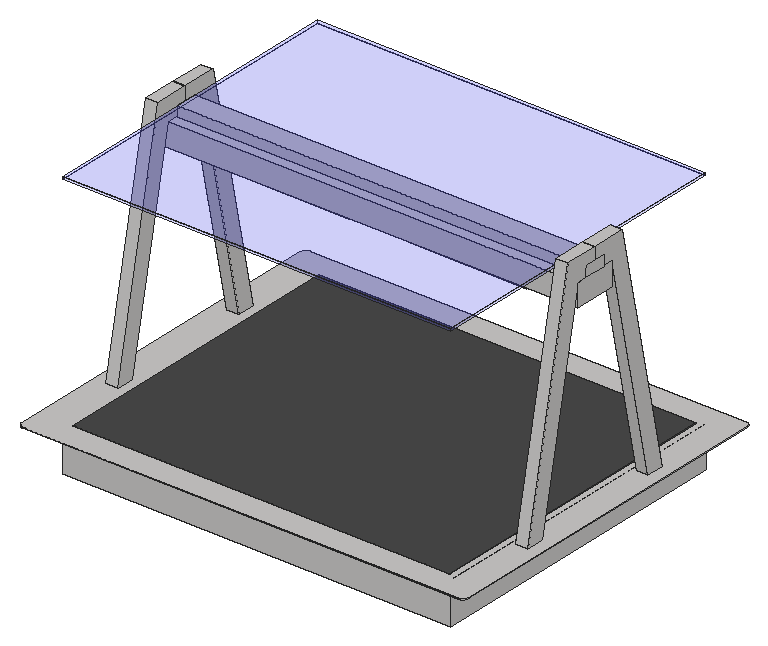
Revit family "QF_ELECTROLUXPROFESSIONAL_CC0HN4_CC0HN4", category Specialty Equipment, Revit 2023
Family settings
  Round Connector Dimension = Use Diameter
  Part Type = Normal
  Work Plane-Based = No
  Enable Cutting in Views = No
  Always vertical = Yes
  Cut with Voids When Loaded = No
  Maintain Annotation Orientation = No
  Shared = No
  Room Calculation Point = No
Parameters (values of type "Standard")
  Weight = 30.36 kg
  Watts = 0 W
  Volts = 220 V
  URL Manufacturer = "https://www.electroluxprofessional.com/"
  URL = "https://www.electroluxprofessional.com/"
  Steam Supply Size = 0 mm
  Steam Supply Minimum Pressure = 0.0 Pa
  Steam Supply Maximum Pressure = 0.0 Pa
  Steam Consumption per Hour = 0
  Refrigeration Suction Line Size = 0 mm
  Refrigeration Liquid Line Size = 0 mm
  Refrigerant Compressor Remote = yes
  Default Elevation = 0 mm
  Manufacturer = "Electrolux Professional"
  Phase = 1
  Model = "CC0HN4"
  Length Actual = 770 mm  # constant formula
  Item Number = "CC0HN4"
  Hot Water Size = 0 mm
  Height Actual = 484 mm  # constant formula
  HP = "0 HP"
  Gas Size = 0 mm
  Gas KW = 0
  Gas Input Pressure = 0 W
  Direct Waste Size = 0 mm
  Description = "DROP-IN TEMPERED GLASS TOP, 2GN WITH A TYPE OVERSHELF AND HALOGEN LAMP"
  Depth Actual = 620 mm  # constant formula
  Cycle = 50 Hz
  Condensate Return Size = 0 mm
  Compressed Air Volume = 0.0 L/s
  Compressed Air Size = 0 mm
  Compressed Air Pressure = 0.0 Pa
  Cold Water Size = 0 mm
  Accessory = yes
Reference planes
  plane 1 "BACK": y = 0
  plane 2: z = 5.426
  plane 3 "LEFT": x = 0
  plane 4: y = -620
  plane 5: z = 409.426
  plane 6: y = -310
Forms (mm)
  Extrusion 1, solid, material "QF_Finishes_Stainless Steel"
    sketch origin (0, 0, 5.426) x (1, 0, 0) y (0, 1, 0)
      loop
        arc (10, 0) -> (2.929, -2.929) -> (0, -10) r 10
        line (0, -10) -> (0, -610)
        arc (0, -610) -> (2.929, -617.071) -> (10, -620) r 10
        line (10, -620) -> (760, -620)
        arc (760, -620) -> (767.071, -617.071) -> (770, -610) r 10
        line (770, -610) -> (770, -10)
        arc (770, -10) -> (767.071, -2.929) -> (760, 0) r 10
        line (760, 0) -> (10, 0)
    from 0 to 1
  Extrusion 2, solid, material "QF_Finishes_Stainless Steel"
    sketch origin (0, 0, 184.548) x (1, 0, 0) y (0, 1, 0)
      loop
        line (50, -35) -> (50, -585) -> (720, -585) -> (720, -35) -> (50, -35)
    from -251.122 to -179.122
  Extrusion 3, solid, material "QF_Finishes_Stainless Steel"
    sketch origin (21.5, -620, 0) x (0, -1, 0) y (0, 0, -1)
      loop
        line (-310, -409.426) -> (-250.873, -409.426) -> (-165, -5.426) -> (-195, -5.426) -> (-272.583, -370.426) -> (-310, -370.426) -> (-310, -409.426)
    from 0 to 20
  Extrusion 4, solid, material "QF_Finishes_Stainless Steel"
    sketch origin (21.5, 0, 0) x (0, 1, 0) y (0, 0, 1)
      loop
        line (-310, 409.426) -> (-310, 370.426) -> (-272.583, 370.426) -> (-195, 5.426) -> (-165, 5.426) -> (-250.873, 409.426) -> (-310, 409.426)
    from 0 to 20
  Extrusion 5, solid, material "QF_Finishes_Stainless Steel"
    sketch origin (748, -620, 0) x (0, -1, 0) y (0, 0, 1)
      loop
        line (-310, 409.426) -> (-310, 370.426) -> (-272.583, 370.426) -> (-195, 5.426) -> (-165, 5.426) -> (-250.873, 409.426) -> (-310, 409.426)
    from 0 to 20
  Extrusion 6, solid, material "QF_Finishes_Stainless Steel"
    sketch origin (748, 0, 0) x (0, 1, 0) y (0, 0, -1)
      loop
        line (-310, -409.426) -> (-250.873, -409.426) -> (-165, -5.426) -> (-195, -5.426) -> (-272.583, -370.426) -> (-310, -370.426) -> (-310, -409.426)
    from 0 to 20
  Extrusion 7, solid, material "QF_Finishes_Stainless Steel"
    sketch origin (0, 0, 0) x (0, 1, 0) y (0, 0, 1)
      loop
        line (-291.292, 370.426) -> (-291.292, 387.956) -> (-328.917, 387.956) -> (-328.917, 370.426) -> (-291.292, 370.426)
    from 21.5 to 748
  Extrusion 8, solid, material "Vetro"
    sketch origin (0, 0, 5.426) x (1, 0, 0) y (0, 1, 0)
      loop
        line (50, -35) -> (50, -585) -> (720, -585) -> (720, -35) -> (50, -35)
    from 382.529 to 387.529
  Extrusion 9, solid, material "QF_Finishes_Stainless Steel"
    sketch origin (0, 0, 0) x (0, 1, 0) y (0, 0, 1)
      loop
        line (-272.583, 370.426) -> (-347.583, 370.426) -> (-347.583, 330.426) -> (-272.583, 330.426) -> (-272.583, 370.426)
    from 21.5 to 748
  Extrusion 10, solid, material "QF_Finishes_Stainless Steel"
    sketch origin (34.947, 0, 0) x (0, 1, 0) y (0, 0, 1)
      loop
        line (-280.414, 330.426) -> (-340.414, 330.426) -> (-340.414, 325.426) -> (-280.414, 325.426) -> (-280.414, 330.426)
    from 113.553 to 313.553
  Extrusion 11, solid, material "QF_Finishes_Stainless Steel"
    sketch origin (769.053, 0, 0) x (0, 1, 0) y (0, 0, -1)
      loop
        line (-280.414, -330.426) -> (-280.414, -325.426) -> (-340.414, -325.426) -> (-340.414, -330.426) -> (-280.414, -330.426)
    from 113.553 to 313.553
  Extrusion 12, solid, material "QF_Finishes_Black"
    sketch origin (0, 0, 6.426) x (1, 0, 0) y (0, 1, 0)
      loop
        line (60, -45) -> (60, -575) -> (710, -575) -> (710, -45) -> (60, -45)
    from 0 to 1
  Extrusion 13, solid, material "QF_Finishes_Stainless Steel"
    sketch origin (552.404, -352.286, -99.574) x (1, 0, 0) y (0, 1, 0)
      loop
        line (-392.404, -132.714) -> (-392.404, -152.714) -> (-372.404, -152.714) -> (-372.404, -132.714) -> (-392.404, -132.714)
    from 0 to 33
  Extrusion 14, solid, material "QF_Finishes_Stainless Steel"
    sketch origin (872.404, -637.714, -99.574) x (1, 0, 0) y (0, 1, 0)
      loop
        line (-392.404, 132.714) -> (-372.404, 132.714) -> (-372.404, 152.714) -> (-392.404, 152.714) -> (-392.404, 132.714)
    from 0 to 33
Dimensions and locks
  equal spacing: Extrusion 1, Extrusion 2 sketch curve, Extrusion 2 sketch curve, Extrusion 1  (x2)
  Extrusion 1 to Extrusion 1 = 770 mm
  Extrusion 1 to plane 1 "BACK" = 620 mm
  plane 5 to plane 2 = 404 mm
  equal spacing: Extrusion 8, Extrusion 12 sketch curve, Extrusion 12 sketch curve, Extrusion 8  (x2)
  aligned and locked: level to plane 2
Connectors
  electrical at (170, -495, -99.574)
    settings: on Extrusion 13, index 5, voltage 0 V, apparent load 0 VA, apparent load phase1 0 VA, apparent load phase2 0 VA, apparent load phase3 0 VA, power factor 1, load classification "Altro", number of poles 1, system type 30, power factor state 1, is connector primary yes, connector utility no, sub classification motor no, connector description "EI"
  electrical at (490, -495, -99.574)
    settings: on Extrusion 14, index 6, voltage 0 V, apparent load 0 VA, apparent load phase1 0 VA, apparent load phase2 0 VA, apparent load phase3 0 VA, power factor 1, load classification "Altro", number of poles 1, system type 30, power factor state 1, is connector primary no, connector utility no, sub classification motor no, connector description "EI"
